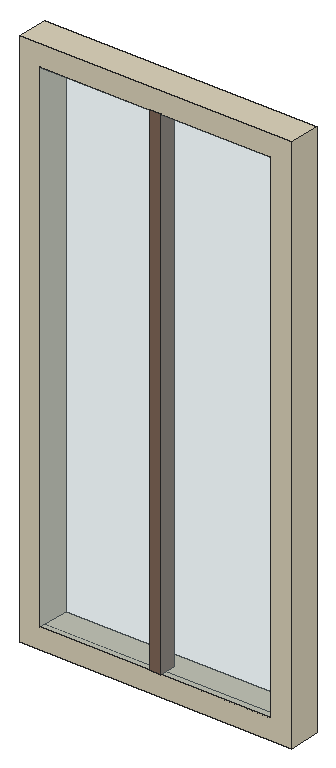
Revit family "AM_Heritage_Window", category Windows, host Wall, Revit 2025
Family settings
  Host = Wall
  OmniClass Number = 23.30.20.00
  OmniClass Title = Windows
  Always vertical = Yes
  Cut with Voids When Loaded = No
  Shared = No
  Room Calculation Point = No
Parameters
  Height = 2400 mm
  Description = "Ayse Mayda v1.0.0. Width and Height drive opening, frame, glass and central mullion. Photographic approximation."
  Default Sill Height = 0 mm
  Wall Closure = By host
  Width = 1200 mm
  AM Half Clear Width = Width / 2 - 90 mm  # 510 mm
  AM Frame = 90 mm
  AM Clear Head = Height - 90 mm  # 2310 mm
Reference planes
  plane 1 "Center (Front/Back)": y = 0
  plane 2 "Center (Left/Right)": x = 0
  plane 3 "Left": x = -600
  plane 4 "Right": x = 600
  plane 5 "Sill": z = 0
  plane 6 "Head": z = 2400
  plane 7 "Exterior": y = 100
  plane 8 "Interior": y = -100
  plane 9 "AM Inner Left": x = -510
  plane 10 "AM Inner Right": x = 510
  plane 11 "AM Inner Bottom": z = 90
  plane 12 "AM Inner Head": z = 2310
Forms (mm)
  Extrusion 1, solid, material "AM Ivory limestone"
    sketch origin (0, 150, 0) x (0, 0, 1) y (1, 0, 0)
      loop
        line (0, -600) -> (2400, -600) -> (2400, 600) -> (0, 600) -> (0, -600)
      loop
        line (2310, -510) -> (2310, 510) -> (90, 510) -> (90, -510) -> (2310, -510)
    from 0 to 140
  Extrusion 2, solid, material "AM Old glass"
    sketch origin (0, 150, 0) x (0, 0, 1) y (1, 0, 0)
      loop
        line (90, -510) -> (2310, -510) -> (2310, 510) -> (90, 510) -> (90, -510)
    from 0 to 25
  Extrusion 3, solid, material "AM Chestnut wood"
    sketch origin (0, 150, 0) x (0, 0, 1) y (1, 0, 0)
      loop
        line (90, -25) -> (2310, -25) -> (2310, 25) -> (90, 25) -> (90, -25)
    from 0 to 70
Lines and regions (mm)
  Opening 1
    outline origin (3500, -100, 0) x (1, 0, 0) y (0, 0, 1)
      loop
        line (-2900, 0) -> (-2900, 2400) -> (-4100, 2400) -> (-4100, 0) -> (-2900, 0)
Text (mm)
  text "Exterior" at (-1963.203, 1332.353, 0), in view "Ref. Level"
  text "Interior" at (-1981.466, -818.386, 0), in view "Ref. Level"
  text "Exterior" at (0, 923.751, 2943.296), in view "Right"
  text "Exterior" at (0, 1040.484, 2685.409), in view "Left"
Dimensions and locks
  equal spacing: plane 3 "Left", plane 2 "Center (Left/Right)", plane 4 "Right"
  "Width": plane 3 "Left" to plane 4 "Right"
  "Height": plane 5 "Sill" to plane 6 "Head"
  "Default Sill Height": plane 5 "Sill" to level
  locked: plane 7 "Exterior" to host wall
  locked: plane 8 "Interior" to host wall
  "AM Half Clear Width": plane 2 "Center (Left/Right)" to plane 9 "AM Inner Left"
  "AM Half Clear Width": plane 2 "Center (Left/Right)" to plane 10 "AM Inner Right"
  "AM Frame": plane 5 "Sill" to plane 11 "AM Inner Bottom"
  "AM Clear Head": plane 5 "Sill" to plane 12 "AM Inner Head"
  aligned and locked: Extrusion 1 sketch curve to plane 5 "Sill"
  aligned and locked: plane 4 "Right" to Extrusion 1 sketch curve
  aligned and locked: plane 6 "Head" to Extrusion 1 sketch curve
  aligned and locked: Extrusion 1 sketch curve to plane 3 "Left"
  aligned and locked: Extrusion 1 sketch curve to plane 12 "AM Inner Head"
  aligned and locked: plane 10 "AM Inner Right" to Extrusion 1 sketch curve
  aligned and locked: plane 11 "AM Inner Bottom" to Extrusion 1 sketch curve
  aligned and locked: Extrusion 1 sketch curve to plane 9 "AM Inner Left"
  aligned and locked: Extrusion 2 sketch curve to plane 11 "AM Inner Bottom"
  aligned and locked: Extrusion 2 sketch curve to plane 10 "AM Inner Right"
  aligned and locked: plane 12 "AM Inner Head" to Extrusion 2 sketch curve
  aligned and locked: plane 9 "AM Inner Left" to Extrusion 2 sketch curve
  aligned and locked: Extrusion 3 sketch curve to plane 11 "AM Inner Bottom"
  aligned and locked: plane 12 "AM Inner Head" to Extrusion 3 sketch curve
Automatic sketch dimensions
  Opening 1 sketch curve to plane 3 "Left" = 0 mm
  Opening 1 sketch curve to plane 4 "Right" = 0 mm
  Opening 1 sketch curve to plane 5 "Sill" = 0 mm
  Opening 1 sketch curve to plane 6 "Head" = 0 mm
  plane 2 "Center (Left/Right)" to Extrusion 3 sketch curve = 25 mm
  Extrusion 3 sketch curve to plane 2 "Center (Left/Right)" = 25 mm
